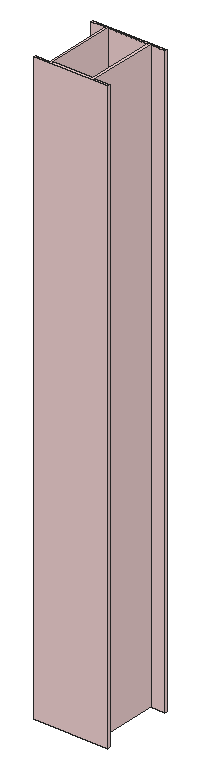
Revit family "Pilar_Aco_Dup_H", category Structural Columns, Revit 2025
Family settings
  Section Shape = Not Defined
  Material for Model Behavior = Steel
  Always export as geometry = No
  Beam cutback in plan = From bounding box
  OmniClass Number = 23.25.30.11.14.11
  OmniClass Title = Columns
  Cut with Voids When Loaded = No
  Symbolic Representation = From Family
  Shared = Yes
  Show family pre-cut in plan views = Yes
Parameters (values of type "PIL_050x050_MET_H_DUP")
  Structural Material [instance] = CT_Estrutura_Metalica
  Depth = 0.500 m
  Width = 0.500 m
  Coluna_S [instance] = 0.100 m
  Coluna_E = 0.015 m
Reference planes (m)
  plane 1 "Center (Front/Back)": y = 0
  plane 2: z = 0
  plane 3 "Center (Left/Right)": x = 0
  plane 4 "Left": x = -0.25
  plane 5 "Right": x = 0.25
  plane 6 "Back": y = 0.25
  plane 7 "Front": y = -0.25
  plane 8: y = -0.235
  plane 9: y = 0.235
  plane 10: x = 0.135
  plane 11: x = -0.15
  plane 12: x = -0.135
  plane 13: x = 0.15
Forms (m)
  Extrusion 1, solid, material "CT_Estrutura_Metalica" <- "Structural Material"
    sketch origin (0, 0, 0) x (1, 0, 0) y (0, 1, 0)
      loop
        line (-0.25, 0.25) -> (-0.25, 0.235) -> (-0.15, 0.235) -> (-0.15, -0.235) -> (-0.25, -0.235) -> (-0.25, -0.25) -> (0.25, -0.25) -> (0.25, -0.235) -> (0.15, -0.235) -> (0.15, 0.235) -> (0.25, 0.235) -> (0.25, 0.25) -> (-0.25, 0.25)
      loop
        line (-0.135, 0.235) -> (-0.135, -0.235) -> (0.135, -0.235) -> (0.135, 0.235) -> (-0.135, 0.235)
    from 0 to 4
Dimensions and locks (m)
  equal spacing: plane 4 "Left", plane 3 "Center (Left/Right)", plane 5 "Right"
  equal spacing: plane 7 "Front", plane 1 "Center (Front/Back)", plane 6 "Back"
  "Width": plane 4 "Left" to plane 5 "Right"
  "Depth": plane 7 "Front" to plane 6 "Back"
  "Coluna_E": plane 9 to plane 6 "Back"
  "Coluna_E": plane 8 to plane 7 "Front"
  "Coluna_E": plane 11 to plane 12
  "Coluna_E": plane 10 to plane 13
  equal spacing: plane 11, plane 3 "Center (Left/Right)", plane 13
  "Coluna_S": plane 4 "Left" to plane 11
  aligned and locked: level to plane 2
  aligned and locked: plane 6 "Back" to Extrusion 1 sketch curve
  aligned and locked: Extrusion 1 sketch curve to plane 7 "Front"
  aligned and locked: Extrusion 1 sketch curve to plane 8  (x2)
  aligned and locked: plane 9 to Extrusion 1 sketch curve  (x2)
  aligned and locked: Extrusion 1 sketch curve to plane 9
  aligned and locked: Extrusion 1 sketch curve to plane 12
  aligned and locked: plane 8 to Extrusion 1 sketch curve
  aligned and locked: Extrusion 1 sketch curve to plane 10
  aligned and locked: plane 5 "Right" to Extrusion 1 sketch curve  (x2)
  aligned and locked: Extrusion 1 sketch curve to plane 4 "Left"  (x2)
  aligned and locked: level to Extrusion 1
  aligned and locked: plane 11 to Extrusion 1 sketch curve
  aligned and locked: Extrusion 1 sketch curve to plane 13
